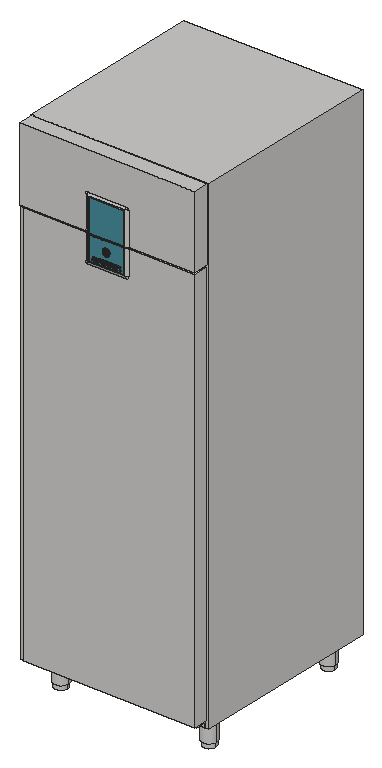
Revit family "QF_ALPENINOX_728649_CTE71FFR", category Specialty Equipment, Revit 2018
Family settings
  Round Connector Dimension = Use Diameter
  Part Type = Normal
  Work Plane-Based = No
  Always vertical = Yes
  Cut with Voids When Loaded = No
  Shared = No
  Room Calculation Point = No
Parameters
  Width [instance] = 710 mm
  Weight = 0.00 kg
  Watts = 12.0774 W
  Volts = 220 V
  URL Manufacturer = "http://www.alpeninox.com"
  URL = "http://www.alpeninox.com"
  Steam Supply Size = 0 mm
  Steam Supply Minimum Pressure = 0.0 Pa
  Steam Supply Maximum Pressure = 0.0 Pa
  Steam Pounds per Hour = 0
  Refrigeration Suction Line Size = 0 mm
  Refrigeration Liquid Line Size = 0 mm
  Refrigerant Compressor Remote = yes
  Manufacturer = "Alpeninox"
  Phase = 1
  Model = "CTE71FFR"
  Length Actual = 710 mm  # constant formula
  Item Number = "728649"
  Hot Water Size = 0 mm
  Height Actual = 2050 mm  # constant formula
  Height [instance] = 2050 mm
  HP = "0.2 HP"
  Gas Size = 0 mm
  Gas KW = 0
  Gas Input Pressure = 0 W
  Description = "1-DR FREEZER 670L -22/-15°C,DIGITAL,REM"
  Depth Actual = 835 mm  # constant formula
  Depth [instance] = 835 mm
  Cycle = 60 Hz
  Condensate Return Size = 0 mm
  Compressed Air Volume = 0.0 L/s
  Compressed Air Size = 0 mm
  Compressed Air Pressure = 0.0 Pa
  Cold Water Size = 0 mm
  Accessory = yes
Reference planes
  plane 1 "Center (Front/Back)": y = 0
  plane 2: z = 0
  plane 3 "Center (Left/Right)": x = 0
  plane 4 "BASE": z = 110
  plane 5 "TOP": z = 2050
  plane 6 "FRONT": y = -417.5
  plane 7 "BACK": y = 417.5
  plane 8 "LEFT": x = -355
  plane 9 "RIGHT": x = 355
Forms (mm)
  Extrusion 1, solid, material "QF_Finishes_Stainless Steel"
    sketch origin (0, 0, 0) x (1, 0, 0) y (0, 1, 0)
      loop
        circle (-278, 344.5) r 25
      loop
        circle (278, 344.5) r 25
      loop
        circle (-295, -269.5) r 25
      loop
        circle (295, -269.5) r 25
    from 0 to 20
  Extrusion 2, solid, material "QF_Finishes_Stainless Steel"
    sketch origin (0, 0, 0) x (1, 0, 0) y (0, 1, 0)
      loop
        circle (-278, 344.5) r 30
      loop
        circle (278, 344.5) r 30
      loop
        circle (295, -269.5) r 30
      loop
        circle (-295, -269.5) r 30
    from 20 to 110
  Extrusion 3, solid, material "QF_Finishes_Stainless Steel"
    sketch origin (0, 0, 110) x (-1, 0, 0) y (0, -1, 0)
      loop
        line (355, -417.5) -> (355, 345.5) -> (-355, 345.5) -> (-355, -417.5) -> (355, -417.5)
    from 0 to 1940
  Extrusion 4, solid
    sketch origin (0, 417.5, 1660) x (-1, 0, 0) y (0, 0, 1)
      loop
        circle (339, 124) r 10
    from 0 to 3.2
  Extrusion 5, solid, material "QF_Door-Drawer Clearances", detail levels coarse
    sketch origin (0, 0, 110) x (-1, 0, 0) y (0, -1, 0)
      loop
        line (-347, 409.5) -> (-283, 409.5) -> (-283, 1006.5) -> (-301, 1006.5) -> (-301, 1024.5) -> (-323, 1024.5) -> (-323, 1062.5) -> (-347, 1062.5) -> (-347, 409.5)
    from 1642.965 to 28
  Extrusion 6, solid, material "QF_Door-Drawer Clearances", detail levels coarse
    sketch origin (0, 0, 110) x (-1, 0, 0) y (0, -1, 0)
      loop
        line (-283, 409.5) -> (347, 409.5)
        arc (347, 409.5) -> (150.684, 878.295) -> (-323, 1062.5) r 650
        line (-323, 1062.5) -> (-323, 1024.5) -> (-301, 1024.5) -> (-301, 1006.5) -> (-283, 1006.5) -> (-283, 409.5)
    from 1642.965 to 28
  Extrusion 7, solid, material "QF_Clearances", detail levels coarse
    sketch origin (0, 0, 110) x (-1, 0, 0) y (0, -1, 0)
      loop
        line (355, 417.5) -> (355, -417.5) -> (-355, -417.5) -> (-355, 417.5) -> (-385, 417.5) -> (-385, -447.5) -> (385, -447.5) -> (385, 417.5) -> (355, 417.5)
    from -110 to 1940
  Extrusion 8, solid, material "QF_Clearances", detail levels coarse
    sketch origin (0, 0, 2050) x (-1, 0, 0) y (0, -1, 0)
      loop
        line (385, -447.5) -> (385, 417.5) -> (-385, 417.5) -> (-385, -447.5) -> (385, -447.5)
    from 0 to 500
  Extrusion 9, void
    sketch origin (0, 417.5, 0) x (-1, 0, 0) y (0, 0, 1)
      loop
        line (289.366, 1724.965) -> (-280, 1724.965) -> (-280, 180) -> (0, 170) -> (289.366, 180) -> (289.366, 1724.965)
    from -56 to -763
  Extrusion 10, solid, material "QF_Finishes_Stainless Steel"
    sketch origin (0, 0, 2050) x (-1, 0, 0) y (0, -1, 0)
      loop
        circle (245, 89.5) r 4.75
    from -33.544 to -89.131
  Extrusion 11, solid, material "QF_Finishes_Stainless Steel"
    sketch origin (539, -376, 0) x (0, -1, 0) y (0, 0, 1)
      loop
        circle (-187.5, 1960.869) r 3
    from 745 to 686.028
Cuts and joins
  joined: Extrusion 7, Extrusion 8
  Extrusion 9 cuts Extrusion 3
Lines and regions (mm)
  symbolic lines, style "SpecialityEquipmentHiddenLines"
    curve 1: line (347, -409.5, 110) -> (347, -1062.5, 110)
    curve 2: line (347, -1062.5, 110) -> (323, -1062.5, 110)
    curve 3: line (283, -409.5, 110) -> (283, -1006.5, 110)
    curve 4: line (323, -1062.5, 110) -> (323, -1024.5, 110)
    curve 5: line (323, -1024.5, 110) -> (301, -1024.5, 110)
    curve 6: line (301, -1024.5, 110) -> (301, -1006.5, 110)
    curve 7: line (301, -1006.5, 110) -> (283, -1006.5, 110)
    curve 8: arc (-347, -409.5, 110) -> (-150.684, -878.295, 110) -> (323, -1062.5, 110) r 650
  symbolic lines, style "QF_Clearances", detail levels coarse
    curve 9: line (-206, -417.5, 2050) -> (-385, -417.5, 2050)
    curve 10: line (-385, -417.5, 2050) -> (-385, 447.5, 2050)
    curve 11: line (-385, 447.5, 2050) -> (385, 447.5, 2050)
    curve 12: line (385, 447.5, 2050) -> (385, -417.5, 2050)
    curve 13: line (385, -417.5, 2050) -> (355, -417.5, 2050)
Dimensions and locks
  equal spacing: plane 7 "BACK", plane 1 "Center (Front/Back)", plane 6 "FRONT"
  equal spacing: plane 8 "LEFT", plane 3 "Center (Left/Right)", plane 9 "RIGHT"
  "Width": plane 8 "LEFT" to plane 9 "RIGHT"
  "Depth": plane 7 "BACK" to plane 6 "FRONT"
  "Height": plane 5 "TOP" to plane 2
  aligned and locked: level to plane 2
Automatic sketch dimensions
  Extrusion 3 sketch curve to plane 7 "BACK" = 0 mm
  Extrusion 3 sketch curve to plane 9 "RIGHT" = 0 mm
  Extrusion 3 sketch curve to plane 8 "LEFT" = 0 mm
  plane 8 "LEFT" to Extrusion 4 sketch curve = 16 mm
  plane 4 "BASE" to Extrusion 4 sketch curve = 1674 mm
  plane 9 "RIGHT" to curve 1 = 8 mm
  curve 1 to curve 2 = 24 mm
  plane 6 "FRONT" to curve 8 = 4.692 mm
  curve 7 to plane 6 "FRONT" = 589 mm
  curve 6 to curve 5 = 18 mm
  curve 4 to curve 2 = 38 mm
  plane 6 "FRONT" to curve 8 = 8 mm
  plane 6 "FRONT" to curve 1 = 8 mm
  plane 6 "FRONT" to curve 3 = 8 mm
  plane 9 "RIGHT" to Extrusion 5 sketch curve = 8 mm
  Extrusion 5 sketch curve to plane 6 "FRONT" = 589 mm
  Extrusion 5 sketch curve to Extrusion 5 sketch curve = 18 mm
  Extrusion 5 sketch curve to Extrusion 5 sketch curve = 38 mm
  plane 6 "FRONT" to Extrusion 5 sketch curve = 8 mm
  plane 6 "FRONT" to Extrusion 6 sketch curve = 4.692 mm
  Extrusion 6 sketch curve to Extrusion 6 sketch curve = 18 mm  (x2)
  Extrusion 6 sketch curve to Extrusion 6 sketch curve = 38 mm
  plane 8 "LEFT" to Extrusion 6 sketch curve = 8 mm
  plane 6 "FRONT" to Extrusion 6 sketch curve = 8 mm
  Extrusion 7 sketch curve to plane 6 "FRONT" = 0 mm  (x2)
  Extrusion 7 sketch curve to plane 7 "BACK" = 0 mm
  Extrusion 7 sketch curve to plane 9 "RIGHT" = 0 mm
  Extrusion 7 sketch curve to plane 8 "LEFT" = 0 mm
  Extrusion 7 sketch curve to plane 9 "RIGHT" = 30 mm
  Extrusion 7 sketch curve to plane 8 "LEFT" = 30 mm
  plane 7 "BACK" to Extrusion 7 sketch curve = 30 mm
  Extrusion 8 sketch curve to plane 6 "FRONT" = 0 mm
  Extrusion 8 sketch curve to plane 9 "RIGHT" = 30 mm
  Extrusion 8 sketch curve to plane 8 "LEFT" = 30 mm
  plane 7 "BACK" to Extrusion 8 sketch curve = 30 mm
  plane 8 "LEFT" to Extrusion 1 sketch curve = 60 mm
  plane 8 "LEFT" to Extrusion 1 sketch curve = 77 mm
  plane 9 "RIGHT" to Extrusion 1 sketch curve = 77 mm
  plane 9 "RIGHT" to Extrusion 1 sketch curve = 60 mm
  plane 6 "FRONT" to Extrusion 1 sketch curve = 148 mm  (x2)
  Extrusion 1 sketch curve to plane 7 "BACK" = 73 mm  (x2)
  plane 8 "LEFT" to Extrusion 2 sketch curve = 60 mm
  plane 8 "LEFT" to Extrusion 2 sketch curve = 77 mm
  plane 9 "RIGHT" to Extrusion 2 sketch curve = 77 mm
  plane 9 "RIGHT" to Extrusion 2 sketch curve = 60 mm
  plane 6 "FRONT" to Extrusion 2 sketch curve = 148 mm  (x2)
  Extrusion 2 sketch curve to plane 7 "BACK" = 73 mm  (x2)
  plane 6 "FRONT" to Extrusion 3 sketch curve = 72 mm
  curve 1 to curve 8 = 44.008 mm
  curve 4 to curve 5 = 22 mm
  curve 6 to curve 3 = 18 mm
  plane 9 "RIGHT" to Extrusion 5 sketch curve = 32 mm
  Extrusion 5 sketch curve to Extrusion 5 sketch curve = 22 mm
  Extrusion 5 sketch curve to Extrusion 5 sketch curve = 64 mm
  plane 9 "RIGHT" to Extrusion 6 sketch curve = 72 mm
  Extrusion 6 sketch curve to Extrusion 6 sketch curve = 19.992 mm
  Extrusion 6 sketch curve to Extrusion 6 sketch curve = 22 mm
  Extrusion 9 sketch curve to plane 3 "Center (Left/Right)" = 0 mm
  plane 8 "LEFT" to Extrusion 9 sketch curve = 65.634 mm
  plane 4 "BASE" to Extrusion 9 sketch curve = 60 mm
  Extrusion 9 sketch curve to plane 5 "TOP" = 325.035 mm
  plane 9 "RIGHT" to Extrusion 9 sketch curve = 75 mm
  plane 4 "BASE" to Extrusion 9 sketch curve = 70 mm  (x2)
  plane 8 "LEFT" to Extrusion 10 sketch curve = 110 mm
  plane 1 "Center (Front/Back)" to Extrusion 10 sketch curve = 89.5 mm
  Extrusion 11 sketch curve to plane 5 "TOP" = 89.131 mm
  plane 1 "Center (Front/Back)" to Extrusion 11 sketch curve = 188.5 mm
  curve 12 to plane 6 "FRONT" = 0 mm
  curve 13 to plane 9 "RIGHT" = 0 mm
  curve 9 to plane 6 "FRONT" = 0 mm
  plane 8 "LEFT" to curve 9 = 149 mm
  curve 12 to plane 9 "RIGHT" = 30 mm
  curve 9 to curve 10 = 179 mm
  plane 7 "BACK" to curve 10 = 30 mm
  radius of Extrusion 1 sketch curve = 25 mm  (x4)
  radius of Extrusion 2 sketch curve = 30 mm  (x4)
  radius of Extrusion 4 sketch curve = 10 mm
  radius of Extrusion 10 sketch curve = 4.75 mm
  radius of Extrusion 11 sketch curve = 3 mm
Nested families
  nested 1: "QF_728649_DoorLeft" at (0, -345.5, 968.365) x (1, 0, 0) z (0, -1, 0), type "QF_728649_DoorLeft"
    with Show Clearance yes
  nested 2: "Freezer" at (355, -417.5, 2050), type "Freezer"
Connectors
  electrical at (-339, 420.7, 1784), driven by "Volts"
    settings: on Extrusion 4, index 2, voltage 220 V, apparent load 0 VA, apparent load phase1 0 VA, apparent load phase2 0 VA, apparent load phase3 0 VA, power factor 1, load classification "Other", number of poles 1, system type 30, power factor state 1, is connector primary yes, connector utility no, sub classification motor no, connector description "Electrical Connection"
  piping at (-245, -89.5, 2016.456), diameter 9.5
    settings: on Extrusion 10, index 4, connector inside diameter 609.6 mm, connector length 0 mm, flow factor 0, pipe flow 0.0 L/s, pressure drop 0.0 Pa, fitting loss kfactor 0, connector angle 0.00°, fixture units 0, engagement length 0 mm, angle of deflection 0.00°, flow configuration 1, flow direction 2, fitting loss method 0, system type 8, joint type 0, gender type 0, connector reference index -1, connector utility 0, adjustable connector no, is connector primary yes, connector description "Refrigerant Outlet"
  piping at (-206, -188.5, 1960.869), diameter 6
    settings: on Extrusion 11, index 5, connector inside diameter 609.6 mm, connector length 0 mm, flow factor 0, pipe flow 0.0 L/s, pressure drop 0.0 Pa, fitting loss kfactor 0, connector angle 0.00°, fixture units 0, engagement length 0 mm, angle of deflection 0.00°, flow configuration 1, flow direction 1, fitting loss method 0, system type 7, joint type 0, gender type 0, connector reference index -1, connector utility 0, adjustable connector no, is connector primary no, connector description "Refrigerant Inlet"
Definition of nested family "QF_728649_DoorLeft"
  Parameters
    Show Clearance [instance] = yes
    Model = "728646"
    Default Elevation = 1219.2 mm
  Reference planes
    plane 1 "Center (Front/Back)": y = 0
    plane 2: z = 0
    plane 3 "Center (Left/Right)": x = 0
  Forms (mm)
    Extrusion 1, solid
      sketch origin (0, -919.2, 0) x (1, 0, 0) y (0, 1, 0)
        loop
          line (-460, 2119.2) -> (-460, -162.846) -> (488.967, -162.846) -> (488.967, 2119.2) -> (-460, 2119.2)
      from 0 to -59.546
    Extrusion 2, solid
      sketch origin (0, 0, 0) x (1, 0, 0) y (0, 0, 1)
        loop
          line (-347, 64) -> (-347, 0) -> (347, 0) -> (347, 64) -> (-347, 64)
      from -1081.6 to -791.6
    Extrusion 3, solid
      sketch origin (0, 0, 0) x (1, 0, 0) y (0, 0, 1)
        loop
          line (-347, 60) -> (-347, 26) -> (-325, 26) -> (-325, 8) -> (-307, 8) -> (-307, 0) -> (339, 0) -> (339, 8) -> (347, 8) -> (347, 64) -> (-332, 64) -> (-347, 60)
      from -784.6 to 830.4
    Extrusion 4, solid
      sketch origin (119, -516.365, 0) x (0, 1, 0) y (0, 0, 1)
        loop
          line (-323.003, 40.312) -> (-316.501, 40.312) -> (-316.501, 42.812) -> (-325.503, 42.812) -> (-325.503, 2.5) -> (-342, 2.5) -> (-342, 0) -> (-323.003, 0) -> (-323.003, 12.259) -> (-323.003, 40.312)
        loop
          line (-314, 38.311) -> (-316.501, 38.311) -> (-316.501, 14.304) -> (-319.752, 14.304) -> (-319.752, 11.804) -> (-314, 11.804) -> (-314, 38.311)
      from 185 to 220
    Extrusion 5, solid
      sketch origin (119, 469.597, 0) x (0, 1, 0) y (0, 0, 1)
        loop
          line (315.003, 27.948) -> (315.003, 2.948) -> (315.003, 0) -> (322.003, 0) -> (322.003, 2.5) -> (317.503, 2.5) -> (317.503, 27.948) -> (315.003, 27.948)
      from 185 to 220
  Lines and regions (mm)
    symbolic lines
      curve 1: line (-347, 0, 64) -> (347, 0, 64)
      curve 2: line (-347, 0, 0) -> (-347, 0, 64)
      curve 3: line (347, 0, 0) -> (-347, 0, 0)
      curve 4: line (347, 0, 64) -> (347, 0, 0)
      curve 5: line (-347, 0, 26) -> (-325, 0, 26)
      curve 6: line (-325, 0, 26) -> (-325, 0, 8)
      curve 7: line (-325, 0, 8) -> (-307, 0, 8)
      curve 8: line (-307, 0, 8) -> (-307, 0, 0)
      curve 9: line (339, 0, 8) -> (347, 0, 8)
      curve 10: line (339, 0, 8) -> (339, 0, 0)
  Dimensions and locks
    aligned and locked: plane 2 to Extrusion 1
    aligned and locked: level to Extrusion 1
  Nested families
    nested 1: "QF_DisplayPremiumCabinets" at (0, 803.6, 64), type "QF_DisplayPremiumCabinets"
      with Show Clearance yes
  Definition of nested family "QF_DisplayPremiumCabinets"
    Parameters
      Show Clearance [instance] = yes
      Model = "728658"
      Default Elevation = 1219.2 mm
    Reference planes
      plane 1 "Center (Front/Back)": y = 0
      plane 2: z = 0
      plane 3 "Center (Left/Right)": x = 0
    Forms (mm)
      Extrusion 1, solid
        sketch origin (0, -919.2, 0) x (1, 0, 0) y (0, 1, 0)
          loop
            line (-980.5, 2119.2) -> (-980.5, -162.846) -> (881.94, -162.846) -> (881.94, 2119.2) -> (-980.5, 2119.2)
        from 0 to -59.546
      Extrusion 2, solid
        sketch origin (0, 0, 0) x (1, 0, 0) y (0, 1, 0)
          loop
            circle (0.611, -59) r 14
        from 5 to 7
      Extrusion 3, solid
        sketch origin (365.5, -803.635, 0) x (1, 0, 0) y (0, 1, 0)
          loop
            circle (-364.889, 744.635) r 10
          loop
            circle (-364.889, 744.635) r 9
        from 5 to 8
      Extrusion 4, solid
        sketch origin (365.5, -803.635, 0) x (1, 0, 0) y (0, 1, 0)
          loop
            circle (-364.889, 744.635) r 8.7
        from 5 to 8
      Extrusion 5, void
        sketch origin (365.5, -803.635, 0) x (1, 0, 0) y (0, 1, 0)
          loop
            line (-372.339, 745.885) -> (-372.339, 743.385) -> (-362.339, 743.385) -> (-362.339, 745.885) -> (-372.339, 745.885)
        from 8.592 to 6.269
      Extrusion 6, solid
        sketch origin (365.5, -803.635, 0) x (1, 0, 0) y (0, 1, 0)
          loop
            line (-418.204, 710.82) -> (-422.5, 699.285)
            arc (-422.5, 699.285) -> (-421.595, 697.191) -> (-419.54, 698.183) r 1.58
            line (-419.54, 698.183) -> (-418.886, 700.197) -> (-412.943, 700.197) -> (-412.298, 698.204)
            arc (-412.298, 698.204) -> (-410.299, 697.242) -> (-409.434, 699.285) r 1.533
            line (-409.434, 699.285) -> (-413.626, 710.82)
            arc (-413.626, 710.82) -> (-415.915, 712.577) -> (-418.204, 710.82) r 2.37
          loop
            line (-415.911, 709.332) -> (-417.967, 703.122) -> (-413.902, 703.122) -> (-415.911, 709.332)
          loop
            arc (-407.888, 698.967) -> (-407.379, 697.738) -> (-406.15, 697.229) r 1.738
            line (-406.15, 697.229) -> (-400.877, 697.229)
            arc (-400.877, 697.229) -> (-399.415, 698.692) -> (-400.877, 700.154) r 1.462
            line (-400.877, 700.154) -> (-404.682, 700.154) -> (-404.682, 710.796)
            arc (-404.682, 710.796) -> (-406.285, 712.4) -> (-407.888, 710.796) r 1.603
            line (-407.888, 710.796) -> (-407.888, 698.967)
          loop
            line (-397.965, 710.67) -> (-397.965, 698.756)
            arc (-397.965, 698.756) -> (-396.363, 697.154) -> (-394.761, 698.756) r 1.602
            line (-394.761, 698.756) -> (-394.761, 702.233) -> (-392.386, 702.233)
            arc (-392.386, 702.233) -> (-388.677, 703.356) -> (-387.076, 706.886) r 4.694
            arc (-387.076, 706.886) -> (-388.669, 710.731) -> (-392.514, 712.324) r 5.438
            line (-392.514, 712.324) -> (-396.311, 712.324)
            arc (-396.311, 712.324) -> (-397.48, 711.84) -> (-397.965, 710.67) r 1.654
          loop
            line (-394.761, 705.029) -> (-392.573, 705.029)
            arc (-392.573, 705.029) -> (-390.326, 707.277) -> (-392.573, 709.525) r 2.248
            line (-392.573, 709.525) -> (-394.761, 709.525) -> (-394.761, 705.029)
          loop
            arc (-375.089, 706.2) -> (-376.032, 708.349) -> (-378.059, 709.531) r 3.795
            arc (-378.059, 709.531) -> (-381.033, 708.879) -> (-382.48, 706.2) r 3.653
            line (-382.48, 706.2) -> (-375.089, 706.2)
          loop
            line (-382.396, 703.223) -> (-374.353, 703.223)
            arc (-374.353, 703.223) -> (-372.913, 703.422) -> (-371.773, 704.325) r 2.761
            arc (-371.773, 704.325) -> (-371.606, 705.295) -> (-371.671, 706.278) r 4.18
            arc (-371.671, 706.278) -> (-374.146, 710.605) -> (-378.775, 712.454) r 7.566
            arc (-378.775, 712.454) -> (-383.983, 710.081) -> (-385.987, 704.72) r 7.477
            arc (-385.987, 704.72) -> (-384.394, 699.826) -> (-379.939, 697.251) r 7.19
            arc (-379.939, 697.251) -> (-377.087, 697.224) -> (-374.353, 698.036) r 9.615
            arc (-374.353, 698.036) -> (-373.113, 698.668) -> (-372.164, 699.685) r 4.009
            arc (-372.164, 699.685) -> (-371.909, 700.749) -> (-372.38, 701.737) r 1.639
            arc (-372.38, 701.737) -> (-373, 702.095) -> (-373.716, 702.095) r 1.384
            arc (-373.716, 702.095) -> (-374.195, 701.897) -> (-374.605, 701.582) r 1.982
            arc (-374.605, 701.582) -> (-375.643, 700.879) -> (-376.77, 700.332) r 8.74
            arc (-376.77, 700.332) -> (-380.254, 700.472) -> (-382.396, 703.223) r 4.14
          loop
            line (-369.897, 710.796) -> (-369.897, 698.757)
            arc (-369.897, 698.757) -> (-368.292, 697.152) -> (-366.687, 698.757) r 1.605
            line (-366.687, 698.757) -> (-366.687, 706.721) -> (-359.865, 697.802)
            arc (-359.865, 697.802) -> (-358.042, 697.206) -> (-356.913, 698.757) r 1.63
            line (-356.913, 698.757) -> (-356.913, 710.796)
            arc (-356.913, 710.796) -> (-358.518, 712.401) -> (-360.122, 710.796) r 1.604
            line (-360.122, 710.796) -> (-360.122, 702.727) -> (-366.943, 711.749)
            arc (-366.943, 711.749) -> (-368.767, 712.348) -> (-369.897, 710.796) r 1.63
          loop
            arc (-354.908, 698.757) -> (-353.305, 697.153) -> (-351.701, 698.757) r 1.604
            line (-351.701, 698.757) -> (-351.701, 710.796)
            arc (-351.701, 710.796) -> (-353.305, 712.4) -> (-354.908, 710.796) r 1.604
            line (-354.908, 710.796) -> (-354.908, 698.757)
          loop
            line (-349.694, 710.796) -> (-349.694, 698.757)
            arc (-349.694, 698.757) -> (-348.089, 697.152) -> (-346.484, 698.757) r 1.605
            line (-346.484, 698.757) -> (-346.484, 706.721) -> (-339.663, 697.802)
            arc (-339.663, 697.802) -> (-337.84, 697.206) -> (-336.711, 698.757) r 1.63
            line (-336.711, 698.757) -> (-336.711, 710.796)
            arc (-336.711, 710.796) -> (-338.315, 712.401) -> (-339.92, 710.796) r 1.604
            line (-339.92, 710.796) -> (-339.92, 702.727) -> (-346.741, 711.749)
            arc (-346.741, 711.749) -> (-348.564, 712.348) -> (-349.694, 710.796) r 1.63
          loop
            arc (-335.024, 704.776) -> (-334.19, 701.077) -> (-331.714, 698.205) r 7.827
            arc (-331.714, 698.205) -> (-329.788, 697.27) -> (-327.668, 696.976) r 6.849
            arc (-327.668, 696.976) -> (-325.547, 697.27) -> (-323.622, 698.205) r 6.849
            arc (-323.622, 698.205) -> (-321.146, 701.077) -> (-320.311, 704.776) r 7.827
            arc (-320.311, 704.776) -> (-321.146, 708.475) -> (-323.622, 711.348) r 7.827
            arc (-323.622, 711.348) -> (-325.547, 712.283) -> (-327.668, 712.577) r 6.849
            arc (-327.668, 712.577) -> (-329.788, 712.283) -> (-331.714, 711.348) r 6.849
            arc (-331.714, 711.348) -> (-334.19, 708.475) -> (-335.024, 704.776) r 7.827
          loop
            arc (-331.666, 704.776) -> (-331.336, 702.613) -> (-330.121, 700.793) r 5.045
            arc (-330.121, 700.793) -> (-328.977, 700.125) -> (-327.668, 699.932) r 3.49
            arc (-327.668, 699.932) -> (-326.358, 700.125) -> (-325.215, 700.793) r 3.49
            arc (-325.215, 700.793) -> (-324, 702.613) -> (-323.67, 704.776) r 5.045
            arc (-323.67, 704.776) -> (-324, 706.94) -> (-325.215, 708.76) r 5.045
            arc (-325.215, 708.76) -> (-326.358, 709.427) -> (-327.668, 709.621) r 3.49
            arc (-327.668, 709.621) -> (-328.977, 709.427) -> (-330.121, 708.76) r 3.49
            arc (-330.121, 708.76) -> (-331.336, 706.94) -> (-331.666, 704.776) r 5.045
          loop
            line (-319.496, 709.97) -> (-316.031, 705.304) -> (-320.268, 699.668)
            arc (-320.268, 699.668) -> (-319.925, 697.415) -> (-317.679, 697.802) r 1.596
            line (-317.679, 697.802) -> (-314.173, 702.636) -> (-310.666, 697.802)
            arc (-310.666, 697.802) -> (-308.42, 697.415) -> (-308.077, 699.668) r 1.596
            line (-308.077, 699.668) -> (-312.314, 705.304) -> (-308.849, 709.97)
            arc (-308.849, 709.97) -> (-309.272, 712.256) -> (-311.521, 711.666) r 1.587
            line (-311.521, 711.666) -> (-314.173, 707.936) -> (-316.824, 711.666)
            arc (-316.824, 711.666) -> (-319.073, 712.256) -> (-319.496, 709.97) r 1.587
        from 3 to 5.5
      Extrusion 7, void
        sketch origin (365.5, -803.635, 0) x (1, 0, 0) y (0, 1, 0)
          loop
            line (-418.204, 710.82) -> (-422.5, 699.285)
            arc (-422.5, 699.285) -> (-421.595, 697.191) -> (-419.54, 698.183) r 1.58
            line (-419.54, 698.183) -> (-418.886, 700.197) -> (-412.943, 700.197) -> (-412.298, 698.204)
            arc (-412.298, 698.204) -> (-410.299, 697.242) -> (-409.434, 699.285) r 1.533
            line (-409.434, 699.285) -> (-413.626, 710.82)
            arc (-413.626, 710.82) -> (-415.915, 712.577) -> (-418.204, 710.82) r 2.37
          loop
            line (-415.911, 709.332) -> (-417.967, 703.122) -> (-413.902, 703.122) -> (-415.911, 709.332)
          loop
            arc (-407.888, 698.967) -> (-407.379, 697.738) -> (-406.15, 697.229) r 1.738
            line (-406.15, 697.229) -> (-400.877, 697.229)
            arc (-400.877, 697.229) -> (-399.415, 698.692) -> (-400.877, 700.154) r 1.462
            line (-400.877, 700.154) -> (-404.682, 700.154) -> (-404.682, 710.796)
            arc (-404.682, 710.796) -> (-406.285, 712.4) -> (-407.888, 710.796) r 1.603
            line (-407.888, 710.796) -> (-407.888, 698.967)
          loop
            line (-397.965, 710.67) -> (-397.965, 698.756)
            arc (-397.965, 698.756) -> (-396.363, 697.154) -> (-394.761, 698.756) r 1.602
            line (-394.761, 698.756) -> (-394.761, 702.233) -> (-392.386, 702.233)
            arc (-392.386, 702.233) -> (-388.677, 703.356) -> (-387.076, 706.886) r 4.694
            arc (-387.076, 706.886) -> (-388.669, 710.731) -> (-392.514, 712.324) r 5.438
            line (-392.514, 712.324) -> (-396.311, 712.324)
            arc (-396.311, 712.324) -> (-397.48, 711.84) -> (-397.965, 710.67) r 1.654
          loop
            line (-394.761, 705.029) -> (-392.573, 705.029)
            arc (-392.573, 705.029) -> (-390.326, 707.277) -> (-392.573, 709.525) r 2.248
            line (-392.573, 709.525) -> (-394.761, 709.525) -> (-394.761, 705.029)
          loop
            arc (-375.089, 706.2) -> (-376.032, 708.349) -> (-378.059, 709.531) r 3.795
            arc (-378.059, 709.531) -> (-381.033, 708.879) -> (-382.48, 706.2) r 3.653
            line (-382.48, 706.2) -> (-375.089, 706.2)
          loop
            line (-382.396, 703.223) -> (-374.353, 703.223)
            arc (-374.353, 703.223) -> (-372.913, 703.422) -> (-371.773, 704.325) r 2.761
            arc (-371.773, 704.325) -> (-371.606, 705.295) -> (-371.671, 706.278) r 4.18
            arc (-371.671, 706.278) -> (-374.146, 710.605) -> (-378.775, 712.454) r 7.566
            arc (-378.775, 712.454) -> (-383.983, 710.081) -> (-385.987, 704.72) r 7.477
            arc (-385.987, 704.72) -> (-384.394, 699.826) -> (-379.939, 697.251) r 7.19
            arc (-379.939, 697.251) -> (-377.087, 697.224) -> (-374.353, 698.036) r 9.615
            arc (-374.353, 698.036) -> (-373.113, 698.668) -> (-372.164, 699.685) r 4.009
            arc (-372.164, 699.685) -> (-371.909, 700.749) -> (-372.38, 701.737) r 1.639
            arc (-372.38, 701.737) -> (-373, 702.095) -> (-373.716, 702.095) r 1.384
            arc (-373.716, 702.095) -> (-374.195, 701.897) -> (-374.605, 701.582) r 1.982
            arc (-374.605, 701.582) -> (-375.643, 700.879) -> (-376.77, 700.332) r 8.74
            arc (-376.77, 700.332) -> (-380.254, 700.472) -> (-382.396, 703.223) r 4.14
          loop
            line (-369.897, 710.796) -> (-369.897, 698.757)
            arc (-369.897, 698.757) -> (-367.553, 696.412) -> (-365.208, 698.757) r 2.344
            line (-365.208, 698.757) -> (-365.208, 704.788) -> (-359.865, 697.802)
            arc (-359.865, 697.802) -> (-358.042, 697.206) -> (-356.913, 698.757) r 1.63
            line (-356.913, 698.757) -> (-356.913, 710.796)
            arc (-356.913, 710.796) -> (-358.518, 712.401) -> (-360.122, 710.796) r 1.604
            line (-360.122, 710.796) -> (-360.122, 702.727) -> (-366.943, 711.749)
            arc (-366.943, 711.749) -> (-368.767, 712.348) -> (-369.897, 710.796) r 1.63
          loop
            arc (-354.908, 698.757) -> (-353.305, 697.153) -> (-351.701, 698.757) r 1.604
            line (-351.701, 698.757) -> (-351.701, 710.796)
            arc (-351.701, 710.796) -> (-353.305, 712.4) -> (-354.908, 710.796) r 1.604
            line (-354.908, 710.796) -> (-354.908, 698.757)
          loop
            line (-349.694, 710.796) -> (-349.694, 698.757)
            arc (-349.694, 698.757) -> (-348.089, 697.152) -> (-346.484, 698.757) r 1.605
            line (-346.484, 698.757) -> (-346.484, 706.721) -> (-339.663, 697.802)
            arc (-339.663, 697.802) -> (-337.84, 697.206) -> (-336.711, 698.757) r 1.63
            line (-336.711, 698.757) -> (-336.711, 710.796)
            arc (-336.711, 710.796) -> (-338.315, 712.401) -> (-339.92, 710.796) r 1.604
            line (-339.92, 710.796) -> (-339.92, 702.727) -> (-346.741, 711.749)
            arc (-346.741, 711.749) -> (-348.564, 712.348) -> (-349.694, 710.796) r 1.63
          loop
            arc (-335.024, 704.776) -> (-334.19, 701.077) -> (-331.714, 698.205) r 7.827
            arc (-331.714, 698.205) -> (-329.788, 697.27) -> (-327.668, 696.976) r 6.849
            arc (-327.668, 696.976) -> (-325.547, 697.27) -> (-323.622, 698.205) r 6.849
            arc (-323.622, 698.205) -> (-321.146, 701.077) -> (-320.311, 704.776) r 7.827
            arc (-320.311, 704.776) -> (-321.146, 708.475) -> (-323.622, 711.348) r 7.827
            arc (-323.622, 711.348) -> (-325.547, 712.283) -> (-327.668, 712.577) r 6.849
            arc (-327.668, 712.577) -> (-329.788, 712.283) -> (-331.714, 711.348) r 6.849
            arc (-331.714, 711.348) -> (-334.19, 708.475) -> (-335.024, 704.776) r 7.827
          loop
            arc (-331.666, 704.776) -> (-331.336, 702.613) -> (-330.121, 700.793) r 5.045
            arc (-330.121, 700.793) -> (-328.977, 700.125) -> (-327.668, 699.932) r 3.49
            arc (-327.668, 699.932) -> (-326.358, 700.125) -> (-325.215, 700.793) r 3.49
            arc (-325.215, 700.793) -> (-324, 702.613) -> (-323.67, 704.776) r 5.045
            arc (-323.67, 704.776) -> (-324, 706.94) -> (-325.215, 708.76) r 5.045
            arc (-325.215, 708.76) -> (-326.358, 709.427) -> (-327.668, 709.621) r 3.49
            arc (-327.668, 709.621) -> (-328.977, 709.427) -> (-330.121, 708.76) r 3.49
            arc (-330.121, 708.76) -> (-331.336, 706.94) -> (-331.666, 704.776) r 5.045
          loop
            line (-319.496, 709.97) -> (-316.031, 705.304) -> (-320.268, 699.668)
            arc (-320.268, 699.668) -> (-319.925, 697.415) -> (-317.679, 697.802) r 1.596
            line (-317.679, 697.802) -> (-314.173, 702.636) -> (-310.666, 697.802)
            arc (-310.666, 697.802) -> (-308.42, 697.415) -> (-308.077, 699.668) r 1.596
            line (-308.077, 699.668) -> (-312.314, 705.304) -> (-308.849, 709.97)
            arc (-308.849, 709.97) -> (-309.272, 712.256) -> (-311.521, 711.666) r 1.587
            line (-311.521, 711.666) -> (-314.173, 707.936) -> (-316.824, 711.666)
            arc (-316.824, 711.666) -> (-319.073, 712.256) -> (-319.496, 709.97) r 1.587
        from 4.6 to 2.987
      Blend 8, solid
        base sketch origin (365.5, -803.635, 0) x (1, 0, 0) y (0, 1, 0)
          loop
            line (-439.797, 784.635) -> (-439.797, 685.635) -> (-291.203, 685.635) -> (-291.203, 784.635) -> (-296.203, 784.635) -> (-296.203, 690.635) -> (-434.797, 690.635) -> (-434.797, 784.635) -> (-439.797, 784.635)
        top sketch origin (365.5, -803.635, 0) x (1, 0, 0) y (0, 1, 0)
          loop
            line (-449.797, 784.635) -> (-449.797, 683.635)
            arc (-449.797, 683.635) -> (-447.454, 677.978) -> (-441.797, 675.635) r 8
            line (-441.797, 675.635) -> (-289.203, 675.635)
            arc (-289.203, 675.635) -> (-283.546, 677.978) -> (-281.203, 683.635) r 8
            line (-281.203, 683.635) -> (-281.203, 784.635) -> (-296.203, 784.635) -> (-296.203, 690.635) -> (-434.797, 690.635) -> (-434.797, 784.635) -> (-449.797, 784.635)
        from 5 to 0
      Blend 9, solid
        base sketch origin (365.5, -803.635, 0) x (1, 0, 0) y (0, 1, 0)
          loop
            line (-434.797, 791.635) -> (-434.797, 916.635) -> (-296.203, 916.635) -> (-296.203, 791.635) -> (-291.203, 791.635) -> (-291.203, 921.635) -> (-439.797, 921.635) -> (-439.797, 791.635) -> (-434.797, 791.635)
        top sketch origin (365.5, -803.635, 0) x (1, 0, 0) y (0, 1, 0)
          loop
            line (-281.203, 791.635) -> (-281.203, 923.635)
            arc (-281.203, 923.635) -> (-283.546, 929.291) -> (-289.203, 931.635) r 8
            line (-289.203, 931.635) -> (-441.797, 931.635)
            arc (-441.797, 931.635) -> (-447.454, 929.291) -> (-449.797, 923.635) r 8
            line (-449.797, 923.635) -> (-449.797, 791.635) -> (-434.797, 791.635) -> (-434.797, 916.635) -> (-296.203, 916.635) -> (-296.203, 791.635) -> (-281.203, 791.635)
        from 5 to 0
      Extrusion 10, solid
        sketch origin (365.5, -803.635, 0) x (1, 0, 0) y (0, 1, 0)
          loop
            line (-372.339, 745.885) -> (-372.339, 743.385) -> (-362.339, 743.385) -> (-362.339, 745.885) -> (-372.339, 745.885)
        from 6 to 8
      Extrusion 11, solid
        sketch origin (0, 0, 0) x (1, 0, 0) y (0, 1, 0)
          loop
            line (-69.297, -12) -> (69.297, -12) -> (69.297, 113) -> (-69.297, 113) -> (-69.297, -12)
        from 0 to 5
      Extrusion 12, solid
        sketch origin (0, 0, 0) x (1, 0, 0) y (0, 1, 0)
          loop
            line (-69.297, -19) -> (-69.297, -113) -> (69.297, -113) -> (69.297, -19) -> (-69.297, -19)
        from 0 to 5
    Cuts and joins
      Extrusion 5 cuts Extrusion 4
      Extrusion 7 cuts Extrusion 6
    Lines and regions (mm)
      Split face 1
        outline origin (0, 0, 5) x (1, 0, 0) y (0, 1, 0)
          loop
            line (-58.5, -19) -> (-58.5, -32)
            arc (-58.5, -32) -> (-57.036, -35.536) -> (-53.5, -37) r 5
            line (-53.5, -37) -> (53.5, -37)
            arc (53.5, -37) -> (57.036, -35.536) -> (58.5, -32) r 5
            line (58.5, -32) -> (58.5, -19)
      Split face 2
        outline origin (0, 0, 5) x (1, 0, 0) y (0, 1, 0)
          loop
            line (58.5, -12) -> (58.5, 83.035)
            arc (58.5, 83.035) -> (57.036, 86.57) -> (53.5, 88.035) r 5
            line (53.5, 88.035) -> (-53.5, 88.035)
            arc (-53.5, 88.035) -> (-57.036, 86.57) -> (-58.5, 83.035) r 5
            line (-58.5, 83.035) -> (-58.5, -12)
      symbolic lines
        curve 1: line (10.611, 0, 8) -> (-9.389, 0, 8)
        curve 2: line (-84.297, 0, 0) -> (-74.297, 0, 5)
        curve 3: line (-74.297, 0, 5) -> (74.297, 0, 5)
        curve 4: line (74.297, 0, 5) -> (84.297, 0, 0)
        curve 5: line (-13.389, 0, 5) -> (-13.389, 0, 7)
        curve 6: line (-13.389, 0, 7) -> (14.611, 0, 7)
        curve 7: line (14.611, 0, 7) -> (14.611, 0, 5)
        curve 8: line (10.611, 0, 7) -> (10.611, 0, 8)
        curve 9: line (-9.389, 0, 7) -> (-9.389, 0, 8)
    Dimensions and locks
      aligned and locked: plane 2 to Extrusion 1
      aligned and locked: level to Extrusion 1
Definition of nested family "Freezer"
  Reference planes
    plane 1 "Center (Front/Back)": y = 0
    plane 2: z = 0
    plane 3 "Center (Left/Right)": x = 0
  Lines and regions (mm)
    detail lines, in view "Ref. Level"
      curve 1: spline (-500, 190, 0) -> (-493.185, 166.706, 0) -> (-473.205, 145, 0) -> (-441.421, 126.36, 0) -> (-400, 112.058, 0) -> (-351.764, 103.067, 0) -> (-300, 100, 0) -> (-248.236, 103.067, 0) -> (-200, 112.058, 0) -> (-158.579, 126.36, 0) -> (-126.795, 145, 0) -> (-106.815, 166.706, 0) -> (-100, 190, 0) -> (-106.815, 213.294, 0) -> (-126.795, 235, 0) -> (-158.579, 253.64, 0) -> (-200, 267.942, 0) -> (-248.236, 276.933, 0) -> (-300, 280, 0) -> (-351.764, 276.933, 0) -> (-400, 267.942, 0) -> (-441.421, 253.64, 0) -> (-473.205, 235, 0) -> (-493.185, 213.294, 0) -> (-500, 190, 0)
      curve 2: line (-220, 130, 0) -> (-220, 250, 0)
      curve 3: line (-271.962, 220, 0) -> (-168.038, 160, 0)
      curve 4: line (-271.962, 160, 0) -> (-168.038, 220, 0)
      curve 5: line (-200.884, 246.873, 0) -> (-220, 225, 0)
      curve 6: line (-220, 225, 0) -> (-239.116, 246.873, 0)
      curve 7: line (-250.311, 207.5, 0) -> (-260, 235.883, 0)
      curve 8: line (-279.736, 201.7, 0) -> (-250.311, 207.5, 0)
      curve 9: line (-250.311, 172.5, 0) -> (-279.736, 178.3, 0)
      curve 10: line (-260, 144.117, 0) -> (-250.311, 172.5, 0)
      curve 11: line (-220, 155, 0) -> (-239.116, 133.127, 0)
      curve 12: line (-200.884, 133.127, 0) -> (-220, 155, 0)
      curve 13: line (-189.689, 172.5, 0) -> (-180.304, 145.008, 0)
      curve 14: line (-161.188, 178.118, 0) -> (-189.689, 172.5, 0)
      curve 15: line (-189.689, 207.5, 0) -> (-161.188, 201.882, 0)
      curve 16: line (-180.304, 234.992, 0) -> (-189.689, 207.5, 0)
      curve 17: line (-380, 130, 0) -> (-380, 250, 0)
      curve 18: line (-431.962, 220, 0) -> (-328.038, 160, 0)
      curve 19: line (-431.962, 160, 0) -> (-328.038, 220, 0)
      curve 20: line (-360.884, 246.873, 0) -> (-380, 225, 0)
      curve 21: line (-380, 225, 0) -> (-399.116, 246.873, 0)
      curve 22: line (-410.311, 207.5, 0) -> (-419.696, 234.992, 0)
      curve 23: line (-438.812, 201.882, 0) -> (-410.311, 207.5, 0)
      curve 24: line (-410.311, 172.5, 0) -> (-438.812, 178.118, 0)
      curve 25: line (-419.696, 145.008, 0) -> (-410.311, 172.5, 0)
      curve 26: line (-380, 155, 0) -> (-399.116, 133.127, 0)
      curve 27: line (-360.884, 133.127, 0) -> (-380, 155, 0)
      curve 28: line (-349.689, 172.5, 0) -> (-340, 144.117, 0)
      curve 29: line (-320.264, 178.3, 0) -> (-349.689, 172.5, 0)
      curve 30: line (-349.689, 207.5, 0) -> (-320.264, 201.7, 0)
      curve 31: line (-340, 235.883, 0) -> (-349.689, 207.5, 0)
